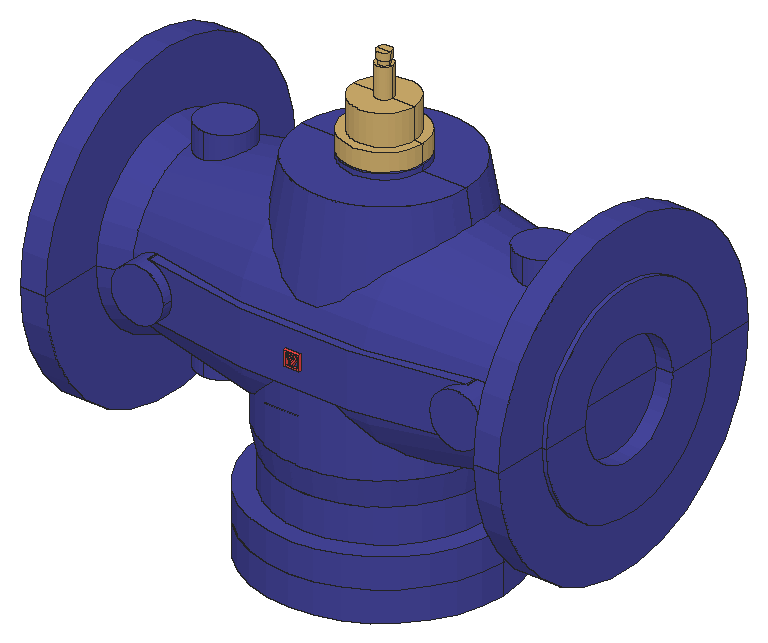
Revit family "Regelventil 4035_PN16", category Rohrzubehör, Revit 2018
Family settings
  Bemaßung runder Anschluss = Durchmesser verwenden
  Teiletyp = Unterbricht
  OmniClass-Nummer = 23.65.55.14
  OmniClass-Titel = Valves for Liquid Services
  Arbeitsebenenbasiert = Nein
  Immer vertikal = Ja
  Beim Laden mit Abzugskörper schneiden = Nein
  Gemeinsam genutzt = Nein
Parameters (values of type "kvs63")
  kvs63 = yes
  kvs6.3 = no
  kvs40 = no
  kvs4 = no
  kvs330 = no
  kvs250 = no
  kvs25 = no
  kvs2.5 = no
  kvs160 = no
  kvs16 = no
  kvs100 = no
  kvs10 = no
  kvs1.6 = no
  kvs1 = no
  Ventilsitz = "WN1.4021"  # constant formula
  Ventilkegel = "WN1.4021/Messing"  # constant formula
  Ventilcharakterisitk = "gleichprozentig"  # constant formula
  URL = "www.herz-armaturen.at"
  Spindel = "WN1.4404"  # constant formula
  SCTWSEQ = "FW;SBT_TYP_FW=\"101\";2"
  SCTWCODE = "04;05;02"  # constant formula
  SCRNSEQ = "ARM;ARM_TYP=\"DURR\";2"
  SCRNCODE = "05;06;02"  # constant formula
  R14 = 4 mm  # constant formula
  R13 = 3 mm  # constant formula
  R12 = 5 mm  # constant formula
  R11 [instance] = size_lookup("4035_PN16", "R11", 18 mm, Nennweite)  # 18 mm
  R10 [instance] = size_lookup("4035_PN16", "R10", 23 mm, Nennweite)  # 23 mm
  R09 [instance] = size_lookup("4035_PN16", "R9", 49 mm, Nennweite)  # 49 mm
  R08 [instance] = R00 + 3 mm  # 68 mm
  R07 [instance] = size_lookup("4035_PN16", "R7", 15.5 mm, Nennweite)  # 15.5 mm
  R06 [instance] = size_lookup("4035_PN16", "R6", 15.5 mm, Nennweite)  # 15.5 mm
  R05 [instance] = size_lookup("4035_PN16", "R5", 62.5 mm, Nennweite)  # 62.5 mm
  R04 [instance] = size_lookup("4035_PN16", "R4", 59.5 mm, Nennweite)  # 59.5 mm
  R03 [instance] = size_lookup("4035_PN16", "R3", 43 mm, Nennweite)  # 71 mm
  R02 [instance] = size_lookup("4035_PN16", "R2", 43 mm, Nennweite)  # 43 mm
  R01 [instance] = size_lookup("4035_PN16", "R1", 55.5 mm, Nennweite)  # 55.5 mm
  R00 [instance] = size_lookup("4035_PN16", "R", 65 mm, Nennweite)  # 65 mm
  PN = 16  # constant formula
  Nennweite [instance] = 65 mm
  Min. Betriebstemperatur = 5 °C
  Medium = "Wasserbeschaffenheit gemäß ÖNORM H 5195 und VDI 2035."
  Max. Betriebstemperatur = 150 °C
  Max. Betriebsdruck = 1600000.0 Pa
  LO1 [instance] = size_lookup("4035_PN16", "LO1", 28.5 mm, Nennweite)  # 68 mm
  L07 [instance] = L06 - R06  # 94.5 mm
  L06 [instance] = size_lookup("4035_PN16", "L6", 110 mm, Nennweite)  # 110 mm
  L05 [instance] = D00  # 92.5 mm
  L03 = 10 mm  # constant formula
  L02 [instance] = size_lookup("4035_PN16", "L2", 15 mm, Nennweite)  # 15 mm
  L01 = 3 mm  # constant formula
  L00 [instance] = size_lookup("4035_PN16", "L", 145 mm, Nennweite)  # 145 mm
  Hersteller = "Herz-Armaturen GmbH"  # constant formula
  H18 [instance] = 17.5 mm  # constant formula
  H15 = 4 mm  # constant formula
  H14 [instance] = size_lookup("4035_PN16", "H14", 17 mm, Nennweite)  # 17 mm
  H13 [instance] = size_lookup("4035_PN16", "H13", 18 mm, Nennweite)  # 18 mm
  H12 [instance] = size_lookup("4035_PN16", "H12", 10.5 mm, Nennweite)  # 10.5 mm
  H11 [instance] = size_lookup("4035_PN16", "H11", 52.5 mm, Nennweite)  # 52.5 mm
  H10 [instance] = size_lookup("4035_PN16", "H10", 135.4 mm, Nennweite)  # 135.4 mm
  H09 = 3 mm  # constant formula
  H08 [instance] = size_lookup("4035_PN16", "H8", 79 mm, Nennweite)  # 79 mm
  H07 [instance] = R00  # 65 mm
  H06 [instance] = size_lookup("4035_PN16", "H6", 59 mm, Nennweite)  # 59 mm
  H05 [instance] = size_lookup("4035_PN16", "H5", 20 mm, Nennweite)  # 20 mm
  H04 [instance] = size_lookup("4035_PN16", "H4", 17 mm, Nennweite)  # 17 mm
  H02 [instance] = size_lookup("4035_PN16", "H2", 38 mm, Nennweite)  # 38 mm
  H03 [instance] = size_lookup("4035_PN16", "H3", 112 mm, Nennweite)  # 112 mm
  H01 [instance] = size_lookup("4035_PN16", "H1", 14 mm, Nennweite)  # 18 mm
  Gewicht [instance] = size_lookup("4035_PN16", "Gewicht", 25, Nennweite)  # 25
  Gehäuse = "EN-GJL-250 (EN 1561)"  # constant formula
  Dichtungsmaterial = "70EPDM"  # constant formula
  DN80 [instance] = Nennweite = 80 mm  # no
  DN65 [instance] = Nennweite = 65 mm  # yes
  DN50 [instance] = Nennweite = 50 mm  # no
  DN40 [instance] = Nennweite = 40 mm  # no
  DN32 [instance] = Nennweite = 32 mm  # no
  DN25 [instance] = Nennweite = 25 mm  # no
  DN150 [instance] = Nennweite = 150 mm  # no
  DN15 [instance] = Nennweite = 15 mm  # no
  DN125 [instance] = Nennweite = 125 mm  # no
  DN100 [instance] = Nennweite = 100 mm  # no
  D02 [instance] = Nennweite / 2  # 32.5 mm
  D01 [instance] = size_lookup("4035_PN16", "D1", 61 mm, Nennweite)  # 61 mm
  D00 [instance] = size_lookup("4035_PN16", "D", 92.5 mm, Nennweite)  # 92.5 mm
  Bestellnummer [instance] = if(and(kvs1, Nennweite = 15 mm), 403501, if(and(kvs1.6, Nennweite = 15 mm), 403511, if(and(kvs2.5, Nennweite = 15 mm), 403521, if(and(kvs4, Nennweite = 15 mm), 403531, if(and(kvs6.3, Nennweite = 25 mm), 403503, if(and(kvs10, Nennweite = 25 mm), 403513, if(and(kvs16, Nennweite = 32 mm), 403504, if(and(kvs25, Nennweite = 40 mm), 403505, if(and(kvs40, Nennweite = 50 mm), 403516, if(and(kvs63, Nennweite = 65 mm), 403507, if(and(kvs100, Nennweite = 80 mm), 403508, if(and(kvs160, Nennweite = 100 mm), 403509, if(and(kvs250, Nennweite = 125 mm), 403510, if(and(kvs330, Nennweite = 150 mm), 403541, 0))))))))))))))  # 403507
  Description = ""
  Anwendungsgebiet = "Das Ventil kann in nahezu allen Heizungs-, Lüftungs- und Klimaanlagen sowie für industrielle und technologische\r\nProzesse eingesetzt werden. Das 3-Wege-Flanschventil ist als Mischventil konzipiert. Es kann zum Mischen oder\r\nzur Umschaltung zwischen zwei eintretenden Mediumsströmen verwendet werden. Die Ventilcharakteristik ist\r\ngleichprozentig. Das Regelungsverhältnis (Verhältnis zwischen nominalem und minimalem Durchfluss) beträgt 30:1. Die\r\nAuswahl des Dreiwege-Flanschventils erfolgt entsprechend dem Diagramm über die kvs-Werte."
  Anschlussflansch = "EN 1092-2"  # constant formula
Types (15, lengths in mm): name | kvs63 | kvs6.3 | kvs40 | kvs4 | kvs330 | kvs250 | kvs25 | kvs2.5 | kvs160 | kvs16 | kvs100 | kvs10 | kvs1.6 | kvs1 | R11 | R10 | R09 | R08 | R07 | R06 | R05 | R04 | R03 | R02 | R01 | R00 | Nennweite | LO1 | L07 | L06 | L05 | L02 | L00 | H14 | H13 | H12 | H11 | H10 | H08 | H07 | H06 | H05 | H04 | H02 | H03 | H01 | Gewicht | DN80 | DN65 | DN50 | DN40 | DN32 | DN25 | DN150 | DN15 | DN125 | DN100 | D02 | D01 | D00 | Bestellnummer | Anwendungsgebiet
  (no name) | yes | no | no | no | no | no | no | no | no | no | no | no | no | no | 18 | 23 | 49 | 68 | 15.5 | 15.5 | 62.5 | 59.5 | 71 | 43 | 55.5 | 65 | 65 | 68 | 94.5 | 110 | 92.5 | 15 | 145 | 17 | 18 | 10.5 | 52.5 | 135.4 | 79 | 65 | 59 | 20 | 17 | 38 | 112 | 18 | 25 | no | yes | no | no | no | no | no | no | no | no | 32.5 | 61 | 92.5 | 403507 | "Das Ventil kann in nahezu allen Heizungs-, Lüftungs- und Klimaanlagen sowie für industrielle und technologische\r\nProzesse eingesetzt werden. Das 3-Wege-Flanschventil ist als Mischventil konzipiert. Es kann zum Mischen oder\r\nzur Umschaltung zwischen zwei eintretenden Mediumsströmen verwendet werden. Die Ventilcharakteristik ist\r\ngleichprozentig. Das Regelungsverhältnis (Verhältnis zwischen nominalem und minimalem Durchfluss) beträgt 30:1. Die\r\nAuswahl des Dreiwege-Flanschventils erfolgt entsprechend dem Diagramm über die kvs-Werte."
  kvs1 | no | no | no | no | no | no | no | no | no | no | no | no | no | yes | 10 | 15 | 19.5 | 29.5 | 6 | 6 | 24 | 21 | 32.5 | 14 | 17 | 26.5 | 15 | 27.5 | 34 | 40 | 47.5 | 11 | 65 | 13 | 14 | 6.8 | 40.8 | 80.3 | 36.5 | 26.5 | 24.5 | 5 | 13 | 11 | 49 | 14 | 5 | no | no | no | no | no | no | no | yes | no | no | 7.5 | 22.5 | 47.5 | 403501 | "Das Ventil kann in nahezu allen Heizungs-, Lüftungs- und Klimaanlagen sowie in industriellen und technologischen\r\nProzessen eingesetzt werden. Die Ventilcharakteristik ist gleichprozentig. Das Regelungsverhältnis (Verhältnis\r\nzwischen nominalem und minimalem Durchfluss) beträgt 30:1. Die Auswahl des 2-Wege-Flanschventils erfolgt mittels\r\nentsprechendem Diagramm über die kvs-Werte."
  kvs1.6 | no | no | no | no | no | no | no | no | no | no | no | no | yes | no | 10 | 15 | 19.5 | 29.5 | 6 | 6 | 24 | 21 | 32.5 | 14 | 17 | 26.5 | 15 | 27.5 | 34 | 40 | 47.5 | 11 | 65 | 13 | 14 | 6.8 | 40.8 | 80.3 | 36.5 | 26.5 | 24.5 | 5 | 13 | 11 | 49 | 14 | 5 | no | no | no | no | no | no | no | yes | no | no | 7.5 | 22.5 | 47.5 | 403511 | "Das Ventil kann in nahezu allen Heizungs-, Lüftungs- und Klimaanlagen sowie für industrielle und technologische\r\nProzesse eingesetzt werden. Das 3-Wege-Flanschventil ist als Mischventil konzipiert. Es kann zum Mischen oder\r\nzur Umschaltung zwischen zwei eintretenden Mediumsströmen verwendet werden. Die Ventilcharakteristik ist\r\ngleichprozentig. Das Regelungsverhältnis (Verhältnis zwischen nominalem und minimalem Durchfluss) beträgt 30:1. Die\r\nAuswahl des Dreiwege-Flanschventils erfolgt entsprechend dem Diagramm über die kvs-Werte."
  kvs2.5 | no | no | no | no | no | no | no | yes | no | no | no | no | no | no | 10 | 15 | 19.5 | 29.5 | 6 | 6 | 24 | 21 | 32.5 | 14 | 17 | 26.5 | 15 | 27.5 | 34 | 40 | 47.5 | 11 | 65 | 13 | 14 | 6.8 | 40.8 | 80.3 | 36.5 | 26.5 | 24.5 | 5 | 13 | 11 | 49 | 14 | 5 | no | no | no | no | no | no | no | yes | no | no | 7.5 | 22.5 | 47.5 | 403521 | "Das Ventil kann in nahezu allen Heizungs-, Lüftungs- und Klimaanlagen sowie für industrielle und technologische\r\nProzesse eingesetzt werden. Das 3-Wege-Flanschventil ist als Mischventil konzipiert. Es kann zum Mischen oder\r\nzur Umschaltung zwischen zwei eintretenden Mediumsströmen verwendet werden. Die Ventilcharakteristik ist\r\ngleichprozentig. Das Regelungsverhältnis (Verhältnis zwischen nominalem und minimalem Durchfluss) beträgt 30:1. Die\r\nAuswahl des Dreiwege-Flanschventils erfolgt entsprechend dem Diagramm über die kvs-Werte."
  kvs4 | no | no | no | yes | no | no | no | no | no | no | no | no | no | no | 10 | 15 | 19.5 | 29.5 | 6 | 6 | 24 | 21 | 32.5 | 14 | 17 | 26.5 | 15 | 27.5 | 34 | 40 | 47.5 | 11 | 65 | 13 | 14 | 6.8 | 40.8 | 80.3 | 36.5 | 26.5 | 24.5 | 5 | 13 | 11 | 49 | 14 | 5 | no | no | no | no | no | no | no | yes | no | no | 7.5 | 22.5 | 47.5 | 403531 | "Das Ventil kann in nahezu allen Heizungs-, Lüftungs- und Klimaanlagen sowie für industrielle und technologische\r\nProzesse eingesetzt werden. Das 3-Wege-Flanschventil ist als Mischventil konzipiert. Es kann zum Mischen oder\r\nzur Umschaltung zwischen zwei eintretenden Mediumsströmen verwendet werden. Die Ventilcharakteristik ist\r\ngleichprozentig. Das Regelungsverhältnis (Verhältnis zwischen nominalem und minimalem Durchfluss) beträgt 30:1. Die\r\nAuswahl des Dreiwege-Flanschventils erfolgt entsprechend dem Diagramm über die kvs-Werte."
  kvs6.3 | no | yes | no | no | no | no | no | no | no | no | no | no | no | no | 10 | 15 | 19.5 | 41 | 7 | 7 | 35.5 | 32.5 | 44 | 19.5 | 28.5 | 38 | 25 | 40 | 45 | 52 | 57.5 | 13 | 80 | 13 | 14 | 6.8 | 40.8 | 88.3 | 44.5 | 38 | 35 | 5 | 15 | 3 | 64 | 16 | 8 | no | no | no | no | no | yes | no | no | no | no | 12.5 | 34 | 57.5 | 403503 | "Das Ventil kann in nahezu allen Heizungs-, Lüftungs- und Klimaanlagen sowie für industrielle und technologische\r\nProzesse eingesetzt werden. Das 3-Wege-Flanschventil ist als Mischventil konzipiert. Es kann zum Mischen oder\r\nzur Umschaltung zwischen zwei eintretenden Mediumsströmen verwendet werden. Die Ventilcharakteristik ist\r\ngleichprozentig. Das Regelungsverhältnis (Verhältnis zwischen nominalem und minimalem Durchfluss) beträgt 30:1. Die\r\nAuswahl des Dreiwege-Flanschventils erfolgt entsprechend dem Diagramm über die kvs-Werte."
  kvs10 | no | no | no | no | no | no | no | no | no | no | no | yes | no | no | 10 | 15 | 19.5 | 41 | 7 | 7 | 35.5 | 32.5 | 44 | 19.5 | 28.5 | 38 | 25 | 40 | 45 | 52 | 57.5 | 13 | 80 | 13 | 14 | 6.8 | 40.8 | 88.3 | 44.5 | 38 | 35 | 5 | 15 | 3 | 64 | 16 | 8 | no | no | no | no | no | yes | no | no | no | no | 12.5 | 34 | 57.5 | 403513 | "Das Ventil kann in nahezu allen Heizungs-, Lüftungs- und Klimaanlagen sowie für industrielle und technologische\r\nProzesse eingesetzt werden. Das 3-Wege-Flanschventil ist als Mischventil konzipiert. Es kann zum Mischen oder\r\nzur Umschaltung zwischen zwei eintretenden Mediumsströmen verwendet werden. Die Ventilcharakteristik ist\r\ngleichprozentig. Das Regelungsverhältnis (Verhältnis zwischen nominalem und minimalem Durchfluss) beträgt 30:1. Die\r\nAuswahl des Dreiwege-Flanschventils erfolgt entsprechend dem Diagramm über die kvs-Werte."
  kvs16 | no | no | no | no | no | no | no | no | no | yes | no | no | no | no | 10 | 15 | 20.5 | 46 | 9 | 9 | 40.5 | 37.5 | 49 | 24.5 | 33.5 | 43 | 32 | 45 | 51 | 60 | 70 | 13 | 90 | 17 | 18 | 10.5 | 52.5 | 102 | 46.5 | 43 | 39 | 15 | 15 | 4 | 84 | 16 | 11.5 | no | no | no | no | yes | no | no | no | no | no | 16 | 39 | 70 | 403504 | "Das Ventil kann in nahezu allen Heizungs-, Lüftungs- und Klimaanlagen sowie für industrielle und technologische\r\nProzesse eingesetzt werden. Das 3-Wege-Flanschventil ist als Mischventil konzipiert. Es kann zum Mischen oder\r\nzur Umschaltung zwischen zwei eintretenden Mediumsströmen verwendet werden. Die Ventilcharakteristik ist\r\ngleichprozentig. Das Regelungsverhältnis (Verhältnis zwischen nominalem und minimalem Durchfluss) beträgt 30:1. Die\r\nAuswahl des Dreiwege-Flanschventils erfolgt entsprechend dem Diagramm über die kvs-Werte."
  kvs25 | no | no | no | no | no | no | yes | no | no | no | no | no | no | no | 10 | 15 | 20.5 | 51 | 12 | 12 | 45.5 | 42.5 | 54 | 29 | 38.5 | 48 | 40 | 50 | 56 | 68 | 75 | 13 | 100 | 17 | 18 | 10.5 | 52.5 | 112 | 56.5 | 48 | 43 | 20 | 15 | 1 | 94 | 16 | 13 | no | no | no | yes | no | no | no | no | no | no | 20 | 44 | 75 | 403505 | "Das Ventil kann in nahezu allen Heizungs-, Lüftungs- und Klimaanlagen sowie für industrielle und technologische\r\nProzesse eingesetzt werden. Das 3-Wege-Flanschventil ist als Mischventil konzipiert. Es kann zum Mischen oder\r\nzur Umschaltung zwischen zwei eintretenden Mediumsströmen verwendet werden. Die Ventilcharakteristik ist\r\ngleichprozentig. Das Regelungsverhältnis (Verhältnis zwischen nominalem und minimalem Durchfluss) beträgt 30:1. Die\r\nAuswahl des Dreiwege-Flanschventils erfolgt entsprechend dem Diagramm über die kvs-Werte."
  kvs63 | yes | no | no | no | no | no | no | no | no | no | no | no | no | no | 18 | 23 | 49 | 68 | 15.5 | 15.5 | 62.5 | 59.5 | 71 | 43 | 55.5 | 65 | 65 | 68 | 94.5 | 110 | 92.5 | 15 | 145 | 17 | 18 | 10.5 | 52.5 | 135.4 | 79 | 65 | 59 | 20 | 17 | 38 | 112 | 18 | 25 | no | yes | no | no | no | no | no | no | no | no | 32.5 | 61 | 92.5 | 403507 | "Das Ventil kann in nahezu allen Heizungs-, Lüftungs- und Klimaanlagen sowie für industrielle und technologische\r\nProzesse eingesetzt werden. Das 3-Wege-Flanschventil ist als Mischventil konzipiert. Es kann zum Mischen oder\r\nzur Umschaltung zwischen zwei eintretenden Mediumsströmen verwendet werden. Die Ventilcharakteristik ist\r\ngleichprozentig. Das Regelungsverhältnis (Verhältnis zwischen nominalem und minimalem Durchfluss) beträgt 30:1. Die\r\nAuswahl des Dreiwege-Flanschventils erfolgt entsprechend dem Diagramm über die kvs-Werte."
  kvs100 | no | no | no | no | no | no | no | no | no | no | yes | no | no | no | 18 | 23 | 49 | 76 | 15.5 | 15.5 | 70.5 | 67.5 | 79 | 51 | 63.5 | 73 | 80 | 77 | 99.5 | 115 | 100 | 17 | 155 | 17 | 18 | 10.5 | 52.5 | 168.5 | 113 | 73 | 65 | 20 | 19 | 46 | 125 | 20 | 31 | yes | no | no | no | no | no | no | no | no | no | 40 | 69 | 100 | 403508 | "Das Ventil kann in nahezu allen Heizungs-, Lüftungs- und Klimaanlagen sowie für industrielle und technologische\r\nProzesse eingesetzt werden. Das 3-Wege-Flanschventil ist als Mischventil konzipiert. Es kann zum Mischen oder\r\nzur Umschaltung zwischen zwei eintretenden Mediumsströmen verwendet werden. Die Ventilcharakteristik ist\r\ngleichprozentig. Das Regelungsverhältnis (Verhältnis zwischen nominalem und minimalem Durchfluss) beträgt 30:1. Die\r\nAuswahl des Dreiwege-Flanschventils erfolgt entsprechend dem Diagramm über die kvs-Werte."
  kvs160 | no | no | no | no | no | no | no | no | yes | no | no | no | no | no | 30 | 35 | 61 | 86 | 20.5 | 20.5 | 80.5 | 77.5 | 89 | 61 | 73.5 | 83 | 100 | 88 | 112.5 | 133 | 110 | 17 | 175 | 21 | 22 | 14.2 | 64.2 | 189.7 | 122.5 | 83 | 73 | 25 | 19 | 65 | 135 | 20 | 46 | no | no | no | no | no | no | no | no | no | yes | 50 | 79 | 110 | 403509 | "Das Ventil kann in nahezu allen Heizungs-, Lüftungs- und Klimaanlagen sowie für industrielle und technologische\r\nProzesse eingesetzt werden. Das 3-Wege-Flanschventil ist als Mischventil konzipiert. Es kann zum Mischen oder\r\nzur Umschaltung zwischen zwei eintretenden Mediumsströmen verwendet werden. Die Ventilcharakteristik ist\r\ngleichprozentig. Das Regelungsverhältnis (Verhältnis zwischen nominalem und minimalem Durchfluss) beträgt 30:1. Die\r\nAuswahl des Dreiwege-Flanschventils erfolgt entsprechend dem Diagramm über die kvs-Werte."
  kvs250 | no | no | no | no | no | yes | no | no | no | no | no | no | no | no | 30 | 35 | 61 | 101 | 20.5 | 20.5 | 95.5 | 92.5 | 104 | 76 | 88.5 | 98 | 125 | 103 | 134.5 | 155 | 125 | 19 | 200 | 21 | 22 | 14.2 | 64.2 | 231 | 163.5 | 98 | 80 | 30 | 21 | 44 | 158 | 21 | 72 | no | no | no | no | no | no | no | no | yes | no | 62.5 | 94 | 125 | 403510 | "Das Ventil kann in nahezu allen Heizungs-, Lüftungs- und Klimaanlagen sowie für industrielle und technologische\r\nProzesse eingesetzt werden. Das 3-Wege-Flanschventil ist als Mischventil konzipiert. Es kann zum Mischen oder\r\nzur Umschaltung zwischen zwei eintretenden Mediumsströmen verwendet werden. Die Ventilcharakteristik ist\r\ngleichprozentig. Das Regelungsverhältnis (Verhältnis zwischen nominalem und minimalem Durchfluss) beträgt 30:1. Die\r\nAuswahl des Dreiwege-Flanschventils erfolgt entsprechend dem Diagramm über die kvs-Werte."
  kvs330 | no | no | no | no | yes | no | no | no | no | no | no | no | no | no | 30 | 35 | 61 | 113 | 20.5 | 20.5 | 107.5 | 104.5 | 116 | 88 | 100.5 | 110 | 150 | 115 | 174.5 | 195 | 142.5 | 19 | 240 | 21 | 22 | 14.2 | 64.2 | 237.5 | 170 | 110 | 85 | 25 | 21 | 42 | 153 | 21 | 91 | no | no | no | no | no | no | yes | no | no | no | 75 | 106 | 142.5 | 403541 | "Das Ventil kann in nahezu allen Heizungs-, Lüftungs- und Klimaanlagen sowie für industrielle und technologische\r\nProzesse eingesetzt werden. Das 3-Wege-Flanschventil ist als Mischventil konzipiert. Es kann zum Mischen oder\r\nzur Umschaltung zwischen zwei eintretenden Mediumsströmen verwendet werden. Die Ventilcharakteristik ist\r\ngleichprozentig. Das Regelungsverhältnis (Verhältnis zwischen nominalem und minimalem Durchfluss) beträgt 30:1. Die\r\nAuswahl des Dreiwege-Flanschventils erfolgt entsprechend dem Diagramm über die kvs-Werte."
  Kvs40 | no | no | yes | no | no | no | no | no | no | no | no | no | no | no | 18 | 23 | 49 | 56 | 13.5 | 13.5 | 52.5 | 49.5 | 61 | 34 | 45.5 | 53 | 50 | 56 | 66.5 | 80 | 82.5 | 15 | 115 | 17 | 18 | 10.5 | 52.5 | 122 | 66.5 | 53 | 43 | 1 | 15 | 42 | 67 | 18 | 16 | no | no | yes | no | no | no | no | no | no | no | 25 | 51 | 82.5 | 403516 | "Das Ventil kann in nahezu allen Heizungs-, Lüftungs- und Klimaanlagen sowie in industriellen und technologischen\r\nProzessen eingesetzt werden. Die Ventilcharakteristik ist gleichprozentig. Das Regelungsverhältnis (Verhältnis\r\nzwischen nominalem und minimalem Durchfluss) beträgt 30:1. Die Auswahl des 2-Wege-Flanschventils erfolgt mittels\r\nentsprechendem Diagramm über die kvs-Werte."
Reference planes
  plane 1 "Mitte (Vorne/hinten)": y = 0
  plane 2: z = 0
  plane 3 "Mitte (Links/rechts)": x = 0
Forms (mm)
  Revolve 1, solid, material "kunststoff-BLAU", detail levels fine
    sketch origin (1065, 0, 0) x (1, 0, 0) y (0, 1, 0)
      loop
        line (-1207, 61) -> (-1210, 61) -> (-1210, 32.5) -> (-1200, 32.5) -> (-1200, 0) -> (-930, 0) -> (-930, 32.5) -> (-920, 32.5) -> (-920, 61) -> (-923, 61) -> (-923, 92.5) -> (-938, 92.5) -> (-938, 55.5) -> (-955, 49.943)
        arc (-955, 49.943) -> (-1065, 65) -> (-1175, 49.943) r 409.331
        line (-1175, 49.943) -> (-1192, 55.5) -> (-1192, 92.5) -> (-1207, 92.5) -> (-1207, 61)
      axis (-920, 0) -> (-1210, 0)
    angle from 0 to 360
  Extrusion 2, solid, material "kunststoff-BLAU", detail levels fine
    sketch origin (0, 0, 0) x (-1, 0, 0) y (0, 0, -1)
      loop
        circle (94.5, 0) r 15.5
      loop
        circle (-94.5, 0) r 15.5
    from -65 to 65
  Extrusion 3, solid, material "kunststoff-BLAU", visible <- "DN65", detail levels fine
    sketch origin (0, 0, 0) x (1, 0, 0) y (0, 1, 0)
      loop
        arc (-95, -56.907) -> (0, -68) -> (95, -56.907) r 412.331
        line (95, -56.907) -> (95, 56.907)
        arc (95, 56.907) -> (0, 68) -> (-95, 56.907) r 412.331
        line (-95, 56.907) -> (-95, -56.907)
    from -15.5 to 15.5
  Revolve 4, solid, material "kunststoff-BLAU", detail levels fine
    sketch origin (0, 0, 0) x (1, 0, 0) y (0, 0, 1)
      loop
        line (-49, 79) -> (-62.5, 0) -> (0, 0) -> (0, 82) -> (-23, 82) -> (-23, 79) -> (-49, 79)
      axis (0, 82) -> (0, 0)
    angle from 0 to 360
  Revolve 5, solid, material "kunststoff-BLAU", detail levels fine
    sketch origin (0, 0, 0) x (1, 0, 0) y (0, 0, 1)
      loop
        line (0, 0) -> (-62.5, 0) -> (-62.5, -59) -> (-59.5, -74.5) -> (-59.5, -94.5) -> (-71, -94.5) -> (-71, -112) -> (0, -112) -> (0, 0)
      axis (0, 0) -> (0, -112)
    angle from 0 to 360
  Revolve 6, solid, material "kunststoff-BLAU", detail levels fine
    sketch origin (0, 0, 0) x (1, 0, 0) y (0, 0, 1)
      loop
        line (0, -112) -> (-71, -112) -> (-71, -130) -> (0, -130) -> (0, -112)
      axis (0, -112) -> (0, -130)
    angle from 0 to 360
  Extrusion 7, solid, material "kunststoff-BLAU", detail levels fine
    sketch origin (0, 0, 0) x (0, -1, 0) y (1, 0, 0)
      loop
        circle (0, -94.5) r 15.5
      loop
        circle (0, 94.5) r 15.5
    from -65 to 65
  Extrusion 8, solid, material "kunststoff-BLAU", visible <- "DN150", detail levels fine
    sketch origin (0, 0, 0) x (1, 0, 0) y (0, 1, 0)
      loop
        arc (-179.5, -78.475) -> (0, -115) -> (179.5, -78.475) r 459.331
        line (179.5, -78.475) -> (179.5, 78.475)
        arc (179.5, 78.475) -> (0, 115) -> (-179.5, 78.475) r 459.331
        line (-179.5, 78.475) -> (-179.5, -78.475)
    from -20.5 to 20.5
  Extrusion 9, solid, material "kunststoff-BLAU", visible <- "DN125", detail levels fine
    sketch origin (0, 0, 0) x (1, 0, 0) y (0, 1, 0)
      loop
        arc (-134.5, -82.301) -> (0, -103) -> (134.5, -82.301) r 447.331
        line (134.5, -82.301) -> (134.5, 82.301)
        arc (134.5, 82.301) -> (0, 103) -> (-134.5, 82.301) r 447.331
        line (-134.5, 82.301) -> (-134.5, -82.301)
    from -20.5 to 20.5
  Extrusion 10, solid, material "kunststoff-BLAU", visible <- "DN100", detail levels fine
    sketch origin (0, 0, 0) x (1, 0, 0) y (0, 1, 0)
      loop
        arc (-112.5, -73.106) -> (0, -88) -> (112.5, -73.106) r 432.331
        line (112.5, -73.106) -> (112.5, 73.106)
        arc (112.5, 73.106) -> (0, 88) -> (-112.5, 73.106) r 432.331
        line (-112.5, 73.106) -> (-112.5, -73.106)
    from -20.5 to 20.5
  Extrusion 11, solid, material "kunststoff-BLAU", visible <- "DN80", detail levels fine
    sketch origin (0, 0, 0) x (1, 0, 0) y (0, 1, 0)
      loop
        line (99.5, -65.083) -> (99.5, 65.083)
        arc (99.5, 65.083) -> (0, 77) -> (-99.5, 65.083) r 421.331
        line (-99.5, 65.083) -> (-99.5, -65.083)
        arc (-99.5, -65.083) -> (0, -77) -> (99.5, -65.083) r 421.331
    from -15.5 to 15.5
  Extrusion 12, solid, material "kunststoff-BLAU", visible <- "DN50", detail levels fine
    sketch origin (0, 0, 0) x (1, 0, 0) y (0, 1, 0)
      loop
        arc (-66.5, -50.44) -> (0, -56.006) -> (66.5, -50.44) r 400.05
        line (66.5, -50.44) -> (66.5, 50.44)
        arc (66.5, 50.44) -> (0, 56.006) -> (-66.5, 50.44) r 400.05
        line (-66.5, 50.44) -> (-66.5, -50.44)
    from -13.5 to 13.5
  Extrusion 13, solid, material "kunststoff-BLAU", visible <- "DN40", detail levels fine
    sketch origin (0, 0, 0) x (1, 0, 0) y (0, 1, 0)
      loop
        arc (-56, -46.003) -> (0, -50) -> (56, -46.003) r 394.331
        line (56, -46.003) -> (56, 46.003)
        arc (56, 46.003) -> (0, 50) -> (-56, 46.003) r 394.331
        line (-56, 46.003) -> (-56, -46.003)
    from -12 to 12
  Extrusion 14, solid, material "kunststoff-BLAU", visible <- "DN32", detail levels fine
    sketch origin (0, 0, 0) x (1, 0, 0) y (0, 1, 0)
      loop
        arc (-51, -41.645) -> (0, -45) -> (51, -41.645) r 389.331
        line (51, -41.645) -> (51, 41.645)
        arc (51, 41.645) -> (0, 45) -> (-51, 41.645) r 389.331
        line (-51, 41.645) -> (-51, -41.645)
    from -9 to 9
  Extrusion 15, solid, material "kunststoff-BLAU", visible <- "DN25", detail levels fine
    sketch origin (0, 0, 0) x (1, 0, 0) y (0, 1, 0)
      loop
        line (45, -37.356) -> (45, 37.356)
        arc (45, 37.356) -> (0, 40) -> (-45, 37.356) r 384.331
        line (-45, 37.356) -> (-45, -37.356)
        arc (-45, -37.356) -> (0, -40) -> (45, -37.356) r 384.331
    from -7 to 7
  Extrusion 16, solid, material "kunststoff-BLAU", visible <- "DN15", detail levels fine
    sketch origin (0, 0, 0) x (1, 0, 0) y (0, 1, 0)
      loop
        line (-34, 25.942) -> (-34, -25.942)
        arc (-34, -25.942) -> (0, -27.5) -> (34, -25.942) r 371.831
        line (34, -25.942) -> (34, 25.942)
        arc (34, 25.942) -> (0, 27.5) -> (-34, 25.942) r 371.831
    from -6 to 6
  Revolve 17, solid, material "Messing-poliert", detail levels fine
    sketch origin (0, 0, 0) x (1, 0, 0) y (0, 0, 1)
      loop
        line (-23, 93.4) -> (-23, 82.9) -> (0, 82.9) -> (0, 135.4) -> (-4, 135.4) -> (-4, 131.4) -> (-3, 131.4) -> (-3, 128.4) -> (-5, 128.4) -> (-5, 111.4) -> (-18, 111.4) -> (-18, 93.4) -> (-23, 93.4)
      axis (0, 135.4) -> (0, 82.9)
    angle from 0 to 360
Lines and regions (mm)
  model lines, detail levels coarse+medium
    curve 1: line (145, 0, 92.5) -> (145, 0, -92.5)
    curve 2: line (145, 0, -92.5) -> (-145, 0, 92.5)
    curve 3: line (-145, 0, 92.5) -> (-145, 0, -92.5)
    curve 4: line (-145, 0, -92.5) -> (145, 0, 92.5)
    curve 5: line (145, 92.5, 0) -> (145, -92.5, 0)
    curve 6: line (145, -92.5, 0) -> (-145, 92.5, 0)
    curve 7: line (-145, 92.5, 0) -> (-145, -92.5, 0)
    curve 8: line (-145, -92.5, 0) -> (145, 92.5, 0)
Dimensions and locks
  "L00": Revolve 1 sketch curve to plane 3 "Mitte (Links/rechts)" to Revolve 1 sketch curve
  "D00": plane 1 "Mitte (Vorne/hinten)" to Revolve 1 sketch curve  (x2)
  "D02": plane 1 "Mitte (Vorne/hinten)" to Revolve 1 sketch curve  (x2)
  "L01": Revolve 1 sketch curve to Revolve 1 sketch curve  (x2)
  "L02": Revolve 1 sketch curve to Revolve 1 sketch curve  (x2)
  "D01": plane 1 "Mitte (Vorne/hinten)" to Revolve 1 sketch curve  (x2)
  "R01": plane 1 "Mitte (Vorne/hinten)" to Revolve 1 sketch curve  (x2)
  "R00": Revolve 1 sketch curve to Revolve 1 sketch curve
  "L03": Revolve 1 sketch curve to Revolve 1 sketch curve  (x2)
  "H01": Revolve 6 sketch curve to Revolve 6 sketch curve
  "R03": plane 3 "Mitte (Links/rechts)" to Revolve 6 sketch curve
  "R03": Revolve 5 sketch curve to Revolve 5 sketch curve
  "H03": plane 2 to Revolve 5 sketch curve
  "H06": Revolve 5 sketch curve to Revolve 5 sketch curve
  "R04": Revolve 5 sketch curve to Revolve 5 sketch curve
  "R05": Revolve 5 sketch curve to Revolve 5 sketch curve
  "H05": Revolve 5 sketch curve to Revolve 5 sketch curve
  "L06": Revolve 1 sketch curve to plane 3 "Mitte (Links/rechts)" to Revolve 1 sketch curve
  "H03": plane 2 to Revolve 6 sketch curve
  "R09": Revolve 4 sketch curve to Revolve 4 sketch curve
  "R05": Revolve 4 sketch curve to Revolve 4 sketch curve
  "H07": Extrusion 7 to plane 2 to Extrusion 7  (x2)
  "L07": plane 3 "Mitte (Links/rechts)" to Extrusion 7 sketch curve
  "L07": Extrusion 7 sketch curve to plane 3 "Mitte (Links/rechts)"
  "H07": Extrusion 2 to plane 1 "Mitte (Vorne/hinten)"  (x3)
  "L07": plane 3 "Mitte (Links/rechts)" to Extrusion 2 sketch curve
  "L07": Extrusion 2 sketch curve to plane 3 "Mitte (Links/rechts)"
  "H07": plane 1 "Mitte (Vorne/hinten)" to Extrusion 2
  "H08": Revolve 4 sketch curve to plane 2
  "H09": Revolve 4 sketch curve to Revolve 4 sketch curve
  "R10": plane 3 "Mitte (Links/rechts)" to Revolve 4 sketch curve
  "H11": Revolve 17 sketch curve to Revolve 17 sketch curve
  "H10": Revolve 17 sketch curve to plane 2
  "R10": plane 3 "Mitte (Links/rechts)" to Revolve 17 sketch curve
  "H12": Revolve 17 sketch curve to Revolve 17 sketch curve
  "H13": Revolve 17 sketch curve to Revolve 17 sketch curve
  "H14": Revolve 17 sketch curve to Revolve 17 sketch curve
  "H15": Revolve 17 sketch curve to Revolve 17 sketch curve
  "R14": plane 3 "Mitte (Links/rechts)" to Revolve 17 sketch curve
  "R13": plane 3 "Mitte (Links/rechts)" to Revolve 17 sketch curve
  "R11": plane 3 "Mitte (Links/rechts)" to Revolve 17 sketch curve
  "R12": plane 3 "Mitte (Links/rechts)" to Revolve 17 sketch curve
  "LO1": nested 1 to plane 1 "Mitte (Vorne/hinten)"
  "H18": Revolve 5 sketch curve to Revolve 6
  "D00": curve 3 to plane 2 to curve 4
  "D00": curve 4 to plane 2 to curve 2
  "L00": curve 3 to plane 3 "Mitte (Links/rechts)" to curve 1
  "D00": curve 8 to plane 1 "Mitte (Vorne/hinten)" to curve 7
  "D00": curve 5 to plane 1 "Mitte (Vorne/hinten)" to curve 8
  "L00": curve 7 to plane 3 "Mitte (Links/rechts)" to curve 5
  "R06": radius of Extrusion 7 sketch curve  (x2)
  "R07": radius of Extrusion 2 sketch curve  (x2)
  aligned and locked: level to plane 2
Automatic sketch dimensions
  Extrusion 3 sketch curve to plane 1 "Mitte (Vorne/hinten)" = 56.907 mm  (x2)
  Extrusion 3 sketch curve to plane 3 "Mitte (Links/rechts)" = 0 mm  (x2)
  Extrusion 3 sketch curve to Extrusion 3 sketch curve = 113.814 mm
  Extrusion 3 sketch curve to Extrusion 3 sketch curve = 287.425 mm
  Extrusion 3 sketch curve to plane 1 "Mitte (Vorne/hinten)" = 344.331 mm
  plane 3 "Mitte (Links/rechts)" to Extrusion 3 sketch curve = 95 mm
  Extrusion 8 sketch curve to plane 3 "Mitte (Links/rechts)" = 0 mm  (x2)
  Extrusion 8 sketch curve to plane 1 "Mitte (Vorne/hinten)" = 78.475 mm  (x2)
  plane 1 "Mitte (Vorne/hinten)" to Extrusion 8 sketch curve = 78.475 mm
  Extrusion 8 sketch curve to plane 3 "Mitte (Links/rechts)" = 179.5 mm
  Extrusion 8 sketch curve to Extrusion 8 sketch curve = 265.857 mm
  Extrusion 8 sketch curve to plane 1 "Mitte (Vorne/hinten)" = 344.331 mm
  plane 3 "Mitte (Links/rechts)" to Extrusion 9 sketch curve = 134.5 mm
  plane 1 "Mitte (Vorne/hinten)" to Extrusion 9 sketch curve = 82.301 mm  (x2)
  Extrusion 9 sketch curve to plane 3 "Mitte (Links/rechts)" = 0 mm  (x2)
  Extrusion 9 sketch curve to Extrusion 9 sketch curve = 262.031 mm  (x2)
  Extrusion 9 sketch curve to plane 1 "Mitte (Vorne/hinten)" = 82.301 mm
  Extrusion 10 sketch curve to plane 3 "Mitte (Links/rechts)" = 0 mm  (x2)
  plane 1 "Mitte (Vorne/hinten)" to Extrusion 10 sketch curve = 73.106 mm
  Extrusion 10 sketch curve to plane 3 "Mitte (Links/rechts)" = 112.5 mm
  Extrusion 10 sketch curve to Extrusion 10 sketch curve = 271.225 mm
  Extrusion 10 sketch curve to plane 1 "Mitte (Vorne/hinten)" = 344.331 mm
  Extrusion 10 sketch curve to plane 1 "Mitte (Vorne/hinten)" = 73.106 mm  (x2)
  Extrusion 11 sketch curve to plane 3 "Mitte (Links/rechts)" = 0 mm  (x2)
  plane 1 "Mitte (Vorne/hinten)" to Extrusion 11 sketch curve = 65.083 mm  (x2)
  Extrusion 11 sketch curve to plane 3 "Mitte (Links/rechts)" = 99.5 mm
  Extrusion 11 sketch curve to Extrusion 11 sketch curve = 279.249 mm
  Extrusion 11 sketch curve to plane 1 "Mitte (Vorne/hinten)" = 344.331 mm
  Extrusion 11 sketch curve to plane 1 "Mitte (Vorne/hinten)" = 65.083 mm
  Extrusion 12 sketch curve to plane 3 "Mitte (Links/rechts)" = 0 mm  (x2)
  Extrusion 12 sketch curve to plane 3 "Mitte (Links/rechts)" = 66.5 mm
  plane 3 "Mitte (Links/rechts)" to Extrusion 12 sketch curve = 66.5 mm
  plane 1 "Mitte (Vorne/hinten)" to Extrusion 12 sketch curve = 344.044 mm
  plane 1 "Mitte (Vorne/hinten)" to Extrusion 12 sketch curve = 50.44 mm
  Extrusion 12 sketch curve to plane 1 "Mitte (Vorne/hinten)" = 50.44 mm
  Extrusion 12 sketch curve to Extrusion 12 sketch curve = 293.604 mm
  Extrusion 13 sketch curve to plane 3 "Mitte (Links/rechts)" = 0 mm  (x2)
  Extrusion 13 sketch curve to plane 3 "Mitte (Links/rechts)" = 56 mm
  plane 3 "Mitte (Links/rechts)" to Extrusion 13 sketch curve = 56 mm
  plane 1 "Mitte (Vorne/hinten)" to Extrusion 13 sketch curve = 344.331 mm
  plane 1 "Mitte (Vorne/hinten)" to Extrusion 13 sketch curve = 46.003 mm
  Extrusion 13 sketch curve to plane 1 "Mitte (Vorne/hinten)" = 46.003 mm
  Extrusion 13 sketch curve to Extrusion 13 sketch curve = 298.328 mm
  Extrusion 14 sketch curve to plane 3 "Mitte (Links/rechts)" = 0 mm  (x2)
  Extrusion 14 sketch curve to plane 3 "Mitte (Links/rechts)" = 51 mm
  plane 3 "Mitte (Links/rechts)" to Extrusion 14 sketch curve = 51 mm
  plane 1 "Mitte (Vorne/hinten)" to Extrusion 14 sketch curve = 344.331 mm
  plane 1 "Mitte (Vorne/hinten)" to Extrusion 14 sketch curve = 41.645 mm
  Extrusion 14 sketch curve to plane 1 "Mitte (Vorne/hinten)" = 41.645 mm
  Extrusion 14 sketch curve to Extrusion 14 sketch curve = 302.686 mm
  Extrusion 15 sketch curve to plane 3 "Mitte (Links/rechts)" = 0 mm  (x2)
  Extrusion 15 sketch curve to plane 3 "Mitte (Links/rechts)" = 45 mm
  plane 3 "Mitte (Links/rechts)" to Extrusion 15 sketch curve = 45 mm
  plane 1 "Mitte (Vorne/hinten)" to Extrusion 15 sketch curve = 344.331 mm
  plane 1 "Mitte (Vorne/hinten)" to Extrusion 15 sketch curve = 37.356 mm
  Extrusion 15 sketch curve to plane 1 "Mitte (Vorne/hinten)" = 37.356 mm
  Extrusion 15 sketch curve to Extrusion 15 sketch curve = 306.975 mm
  Extrusion 16 sketch curve to plane 3 "Mitte (Links/rechts)" = 0 mm  (x2)
  Extrusion 16 sketch curve to plane 3 "Mitte (Links/rechts)" = 34 mm
  plane 3 "Mitte (Links/rechts)" to Extrusion 16 sketch curve = 34 mm
  plane 1 "Mitte (Vorne/hinten)" to Extrusion 16 sketch curve = 344.331 mm
  plane 1 "Mitte (Vorne/hinten)" to Extrusion 16 sketch curve = 25.942 mm
  Extrusion 16 sketch curve to plane 1 "Mitte (Vorne/hinten)" = 25.942 mm
  Extrusion 16 sketch curve to Extrusion 16 sketch curve = 318.389 mm
  Revolve 1 sketch curve to plane 1 "Mitte (Vorne/hinten)" = 0 mm
  Revolve 1 sketch curve to plane 3 "Mitte (Links/rechts)" = 0 mm
  plane 1 "Mitte (Vorne/hinten)" to Revolve 1 sketch curve = 0 mm
  plane 1 "Mitte (Vorne/hinten)" to Revolve 1 sketch curve = 344.331 mm
  Revolve 1 sketch curve to Revolve 1 sketch curve = 1855 mm  (x2)
  Extrusion 2 sketch curve to level = 0 mm  (x2)
  Revolve 4 sketch curve to level = 0 mm
  Revolve 4 sketch curve to plane 3 "Mitte (Links/rechts)" = 0 mm  (x2)
  Revolve 4 sketch curve to Revolve 4 sketch curve = 366.045 mm
  Revolve 4 sketch curve to Revolve 4 sketch curve = 2132.315 mm
  Revolve 5 sketch curve to level = 0 mm
  Revolve 5 sketch curve to plane 3 "Mitte (Links/rechts)" = 0 mm  (x2)
  Revolve 5 sketch curve to Revolve 5 sketch curve = 254.045 mm
  level to Revolve 5 sketch curve = 2214.315 mm
  Revolve 6 sketch curve to plane 3 "Mitte (Links/rechts)" = 0 mm  (x2)
  Revolve 6 sketch curve to Revolve 6 sketch curve = 0 mm
  level to Revolve 6 sketch curve = 2214.315 mm
  plane 1 "Mitte (Vorne/hinten)" to Extrusion 7 sketch curve = 0 mm  (x2)
  Revolve 17 sketch curve to plane 3 "Mitte (Links/rechts)" = 0 mm  (x2)
  Revolve 17 sketch curve to level = 366.045 mm
  Revolve 17 sketch curve to Revolve 17 sketch curve = 2079.815 mm
Nested families
  nested 1: "Herz-Logo-vorne" at (-0.018, -68, 0) x (0, 1, 0) z (0, 0, 1), type "Herz-Logo-vorne", detail levels fine
Connectors
  piping at (-145, 0, 0), diameter 65, driven by "Nennweite"
    settings: on Revolve 1, index 1, connector inside diameter 609.6 mm, connector length 0 mm, flow factor 0, pipe flow 0.0 L/s, pressure drop 0.0 Pa, fitting loss kfactor 0, connector angle 0.00°, fixture units 0, engagement length 0 mm, angle of deflection 0.00°, flow configuration 0, flow direction 1, fitting loss method 0, system type 29, joint type 0, gender type 0, connector reference index -1, connector utility 0, adjustable connector no, is connector primary yes, connector description ""
  piping at (145, 0, 0), diameter 65, driven by "Nennweite"
    settings: on Revolve 1, index 2, connector inside diameter 609.6 mm, connector length 0 mm, flow factor 0, pipe flow 0.0 L/s, pressure drop 0.0 Pa, fitting loss kfactor 0, connector angle 0.00°, fixture units 0, engagement length 0 mm, angle of deflection 0.00°, flow configuration 0, flow direction 2, fitting loss method 0, system type 29, joint type 0, gender type 0, connector reference index -1, connector utility 0, adjustable connector no, is connector primary no, connector description ""
Definition of nested family "Herz-Logo-vorne"
  Reference planes
    plane 1 "Mitte (Vorne/hinten)": y = 0
    plane 2: z = 0
    plane 3 "Mitte (Links/rechts)": x = 0
  Forms (mm)
    Extrusion 1, solid
      sketch origin (0.732, -0.018, 0.017) x (0, -1, 0) y (0, 0, 1)
        loop
          line (-0.018, -4.517) -> (4.482, -4.517) -> (4.482, 4.483) -> (-4.518, 4.483) -> (-4.518, -4.517) -> (-0.018, -4.517)
        loop
          line (-0.05, -3.48) -> (3.482, -3.48) -> (3.482, 3.483) -> (-3.518, 3.483) -> (-3.518, -3.48) -> (-0.05, -3.48)
        loop
          arc (-0.018, 2.383) -> (-1.543, 3.287) -> (-3.067, 2.383) r 1.738
          arc (-3.067, 2.383) -> (-3.191, 1.899) -> (-3.067, 1.415) r 1.009
          line (-3.067, 1.415) -> (-0.018, -3.281) -> (3.032, 1.415)
          arc (3.032, 1.415) -> (3.156, 1.899) -> (3.032, 2.383) r 1.009
          arc (3.032, 2.383) -> (1.507, 3.287) -> (-0.018, 2.383) r 1.738
        loop
          arc (1.885, 1.272) -> (2.005, 1.675) -> (1.885, 2.079) r 0.74
          arc (1.885, 2.079) -> (1.265, 2.416) -> (0.644, 2.079) r 0.74
          line (0.644, 2.079) -> (-0.018, 0.97) -> (-0.679, 2.079)
          arc (-0.679, 2.079) -> (-1.3, 2.416) -> (-1.921, 2.079) r 0.74
          arc (-1.921, 2.079) -> (-2.04, 1.675) -> (-1.921, 1.272) r 0.74
          line (-1.921, 1.272) -> (-0.018, -1.658) -> (1.885, 1.272)
      from 0 to 1.5
  Dimensions and locks
    aligned and locked: level to plane 2
